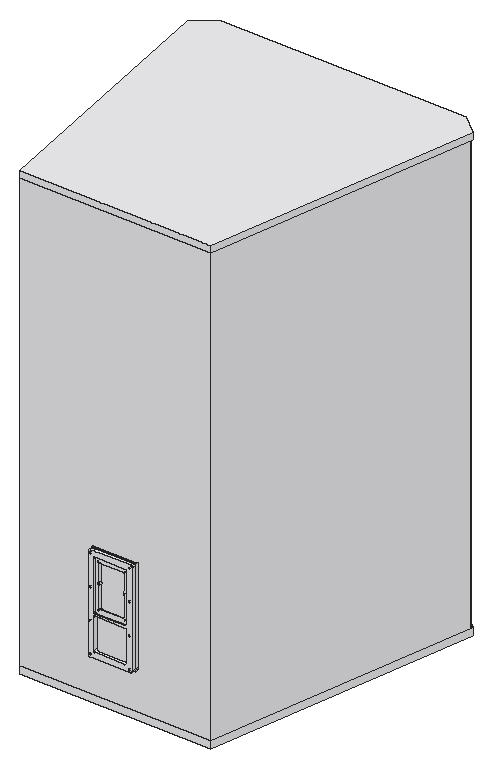
Revit family "EVC-1152-64", category Communication Devices, Revit 2017 (continued)
Definition of nested family "InputPanel_small"
  Lines and regions (mm)
    model lines
      curve 1113: line (-27.412, -4.337, 28.798) -> (-27.982, -4.337, 28.799)
      curve 1114: line (-27.982, -4.337, 28.799) -> (-25.944, -4.337, 31.286)
      curve 1115: line (-22.849, -4.337, 23.874) -> (-22.85, -4.337, 20.831)
      curve 1116: line (-22.85, -4.337, 20.831) -> (-17.426, -4.337, 20.83)
      curve 1117: line (-17.426, -4.337, 20.83) -> (-17.423, -4.337, 46.056)
      curve 1118: line (-17.423, -4.337, 46.056) -> (-22.846, -4.337, 46.056)
      curve 1119: line (-22.846, -4.337, 46.056) -> (-24.27, -4.337, 46.056)
      curve 1120: line (-24.27, -4.337, 46.056) -> (-21.157, -4.337, 46.184)
      curve 1121: line (-21.157, -4.337, 46.184) -> (-21.035, -4.337, 46.361)
      curve 1122: line (-24.273, -4.337, 20.831) -> (-22.85, -4.337, 20.831)
      curve 1123: line (-16.642, -4.337, 39.451) -> (-16.643, -4.337, 33.939)
      curve 1124: line (-16.643, -4.337, 33.939) -> (-12.428, -4.337, 33.939)
      curve 1125: line (-12.428, -4.337, 33.939) -> (-12.427, -4.337, 39.451)
      curve 1126: line (-12.427, -4.337, 39.451) -> (-16.642, -4.337, 39.451)
      curve 1127: line (-12.427, -4.337, 40.047) -> (-12.426, -4.337, 45.558)
      curve 1128: line (-12.426, -4.337, 45.558) -> (-16.641, -4.337, 45.559)
      curve 1129: line (-16.641, -4.337, 45.559) -> (-16.642, -4.337, 40.047)
      curve 1130: line (-16.642, -4.337, 40.047) -> (-12.427, -4.337, 40.047)
      curve 1131: line (-17.1, -4.337, 20.83) -> (-17.097, -4.337, 46.055)
      curve 1132: line (-17.097, -4.337, 46.055) -> (-11.97, -4.337, 46.055)
      curve 1133: line (-11.97, -4.337, 46.055) -> (-11.974, -4.337, 20.83)
      curve 1134: line (-11.974, -4.337, 20.83) -> (-17.1, -4.337, 20.83)
      curve 1135: line (-17.1, -4.337, 20.83) -> (-17.426, -4.337, 20.83)
      curve 1136: line (-16.644, -4.337, 26.839) -> (-16.644, -4.337, 21.327)
      curve 1137: line (-16.644, -4.337, 21.327) -> (-12.429, -4.337, 21.326)
      curve 1138: line (-12.429, -4.337, 21.326) -> (-12.428, -4.337, 26.838)
      curve 1139: line (-12.428, -4.337, 26.838) -> (-16.644, -4.337, 26.839)
      curve 1140: line (-12.428, -4.337, 27.434) -> (-12.428, -4.337, 32.946)
      curve 1141: line (-12.428, -4.337, 32.946) -> (-16.643, -4.337, 32.946)
      curve 1142: line (-16.643, -4.337, 32.946) -> (-16.644, -4.337, 27.434)
      curve 1143: line (-16.644, -4.337, 27.434) -> (-12.428, -4.337, 27.434)
      curve 1144: line (-17.097, -4.337, 46.055) -> (-17.423, -4.337, 46.056)
      curve 1145: line (-17.423, -4.337, 46.056) -> (-14.161, -4.337, 46.183)
      curve 1146: line (-14.161, -4.337, 46.183) -> (-14.039, -4.337, 46.36)
      curve 1147: line (-14.039, -4.337, 46.36) -> (-17.172, -4.337, 46.36)
      curve 1148: line (-17.172, -4.337, 46.36) -> (-17.294, -4.337, 46.183)
      curve 1149: line (-16.642, -4.337, 38.284) -> (-15.234, -4.337, 38.284)
      curve 1150: line (-15.234, -4.337, 38.284) -> (-14.908, -4.337, 38.972)
      curve 1151: line (-14.908, -4.337, 38.972) -> (-14.523, -4.337, 39.451)
      curve 1152: line (-16.644, -4.337, 25.672) -> (-15.235, -4.337, 25.671)
      curve 1153: line (-15.235, -4.337, 25.671) -> (-14.91, -4.337, 26.36)
      curve 1154: line (-14.91, -4.337, 26.36) -> (-14.525, -4.337, 26.838)
      curve 1155: line (-16.644, -4.337, 28.601) -> (-15.235, -4.337, 28.601)
      curve 1156: line (-15.235, -4.337, 28.601) -> (-14.91, -4.337, 27.913)
      curve 1157: line (-14.91, -4.337, 27.913) -> (-14.525, -4.337, 27.434)
      curve 1158: line (-16.642, -4.337, 41.214) -> (-15.234, -4.337, 41.214)
      curve 1159: line (-15.234, -4.337, 41.214) -> (-14.908, -4.337, 40.526)
      curve 1160: line (-14.908, -4.337, 40.526) -> (-14.523, -4.337, 40.047)
      curve 1161: line (-16.643, -4.337, 31.978) -> (-15.235, -4.337, 31.978)
      curve 1162: line (-15.235, -4.337, 31.978) -> (-14.909, -4.337, 32.666)
      curve 1163: line (-14.909, -4.337, 32.666) -> (-14.684, -4.337, 32.946)
      curve 1164: line (-16.642, -4.337, 44.591) -> (-15.233, -4.337, 44.59)
      curve 1165: line (-15.233, -4.337, 44.59) -> (-14.908, -4.337, 45.278)
      curve 1166: line (-14.908, -4.337, 45.278) -> (-14.682, -4.337, 45.559)
      curve 1167: line (-16.643, -4.337, 34.908) -> (-15.234, -4.337, 34.907)
      curve 1168: line (-15.234, -4.337, 34.907) -> (-14.909, -4.337, 34.219)
      curve 1169: line (-14.684, -4.337, 33.939) -> (-14.909, -4.337, 34.219)
      curve 1170: line (-14.909, -4.337, 34.219) -> (-14.908, -4.337, 38.972)
      curve 1171: line (-16.644, -4.337, 22.295) -> (-15.236, -4.337, 22.295)
      curve 1172: line (-15.236, -4.337, 22.295) -> (-14.911, -4.337, 21.607)
      curve 1173: line (-14.911, -4.337, 21.607) -> (-14.91, -4.337, 26.36)
      curve 1174: line (-14.685, -4.337, 21.327) -> (-14.911, -4.337, 21.607)
      curve 1175: line (-15.235, -4.337, 28.601) -> (-15.235, -4.337, 31.978)
      curve 1176: line (-15.234, -4.337, 41.214) -> (-15.233, -4.337, 44.59)
      curve 1177: line (-15.235, -4.337, 25.671) -> (-15.236, -4.337, 22.295)
      curve 1178: line (-15.234, -4.337, 38.284) -> (-15.234, -4.337, 34.907)
      curve 1179: line (-17.172, -4.337, 46.36) -> (-17.172, -4.337, 46.622)
      curve 1180: line (-17.172, -4.337, 46.622) -> (-14.039, -4.337, 46.621)
      curve 1181: line (-14.039, -4.337, 46.621) -> (-14.039, -4.337, 46.36)
      curve 1182: line (-17.172, -4.337, 46.622) -> (-17.753, -4.337, 46.622)
      curve 1183: line (-17.753, -4.337, 46.622) -> (-17.753, -4.337, 46.36)
      curve 1184: line (-17.753, -4.337, 46.36) -> (-17.631, -4.337, 46.183)
      curve 1185: line (-13.525, -4.337, 40.047) -> (-13.524, -4.337, 45.558)
      curve 1186: line (-13.527, -4.337, 27.434) -> (-13.526, -4.337, 32.946)
      curve 1187: line (-13.527, -4.337, 21.326) -> (-13.527, -4.337, 26.838)
      curve 1188: line (-13.526, -4.337, 33.939) -> (-13.525, -4.337, 39.451)
      curve 1189: line (-14.91, -4.337, 27.913) -> (-14.909, -4.337, 32.666)
      curve 1190: line (-14.908, -4.337, 40.526) -> (-14.908, -4.337, 45.278)
      curve 1191: line (-24.168, -4.337, 46.361) -> (-24.29, -4.337, 46.184)
      curve 1192: line (-24.168, -4.337, 46.622) -> (-24.168, -4.337, 46.361)
      curve 1193: line (-24.168, -4.337, 46.361) -> (-21.035, -4.337, 46.361)
      curve 1194: line (-21.035, -4.337, 46.361) -> (-21.035, -4.337, 46.622)
      curve 1195: line (-21.035, -4.337, 46.622) -> (-24.168, -4.337, 46.622)
      curve 1196: line (-24.168, -4.337, 46.622) -> (-24.749, -4.337, 46.623)
      curve 1197: line (-24.749, -4.337, 46.623) -> (-24.749, -4.337, 46.361)
      curve 1198: line (-24.749, -4.337, 46.361) -> (-24.627, -4.337, 46.184)
      curve 1199: line (-50.251, -4.337, 21.031) -> (-50.248, -4.337, 45.862)
      curve 1200: line (-50.193, -4.337, 45.807) -> (-50.196, -4.337, 21.086)
      curve 1201: line (-49.239, -4.337, 46.871) -> (-11.796, -4.337, 46.867)
      curve 1202: line (-11.851, -4.337, 46.812) -> (-49.184, -4.337, 46.816)
      curve 1203: line (-10.787, -4.337, 45.858) -> (-10.79, -4.337, 21.027)
      curve 1204: line (-10.79, -4.337, 21.029) -> (-10.842, -4.337, 45.803)
      curve 1205: line (-11.799, -4.337, 20.018) -> (-49.243, -4.337, 20.022)
      curve 1206: line (-49.188, -4.337, 20.077) -> (-11.854, -4.337, 20.073)
      curve 1207: line (-32.649, -4.337, 30.292) -> (-31.03, -4.337, 30.291)
      curve 1208: line (-31.03, -4.337, 30.291) -> (-30.696, -4.337, 30.291)
      curve 1209: line (-32.65, -4.337, 23.985) -> (-31.031, -4.337, 23.985)
      curve 1210: line (-31.031, -4.337, 23.985) -> (-30.698, -4.337, 23.985)
      curve 1211: line (-32.649, -4.337, 36.598) -> (-31.029, -4.337, 36.598)
      curve 1212: line (-31.029, -4.337, 36.598) -> (-30.696, -4.337, 36.598)
      curve 1213: line (-32.648, -4.337, 42.904) -> (-31.028, -4.337, 42.904)
      curve 1214: line (-31.028, -4.337, 42.904) -> (-30.695, -4.337, 42.904)
      curve 1215: line (-28.39, -4.337, 36.597) -> (-30.009, -4.337, 36.598)
      curve 1216: line (-30.009, -4.337, 36.598) -> (-30.343, -4.337, 36.598)
      curve 1217: line (-28.389, -4.337, 42.904) -> (-30.008, -4.337, 42.904)
      curve 1218: line (-30.008, -4.337, 42.904) -> (-30.341, -4.337, 42.904)
      curve 1219: line (-28.39, -4.337, 30.291) -> (-30.01, -4.337, 30.291)
      curve 1220: line (-30.01, -4.337, 30.291) -> (-30.343, -4.337, 30.291)
      curve 1221: line (-28.391, -4.337, 23.985) -> (-30.011, -4.337, 23.985)
      curve 1222: line (-30.011, -4.337, 23.985) -> (-30.344, -4.337, 23.985)
Definition of nested family "L-EV"
  Parameters (values of type "L-EV")
    Material = ""
    Default Elevation = 1219.20 mm
  Reference planes
    plane 1 "Center (Front/Back)": y = 0
    plane 2: z = 0
    plane 3 "Center (Left/Right)": x = 0
  Forms (mm)
    Extrusion 1, solid, not visible
      sketch origin (18.736, -0.5, -73.012) x (1, 0, 0) y (0, 0, 1)
        loop
          arc (-38.866, 94.012) -> (-39.481, 93.758) -> (-39.736, 93.143) r 0.869
          line (-39.736, 93.143) -> (-39.736, 52.882)
          arc (-39.736, 52.882) -> (-39.481, 52.267) -> (-38.866, 52.012) r 0.869
          line (-38.866, 52.012) -> (1.395, 52.012)
          arc (1.395, 52.012) -> (2.01, 52.267) -> (2.264, 52.882) r 0.869
          line (2.264, 52.882) -> (2.264, 93.143)
          arc (2.264, 93.143) -> (2.01, 93.758) -> (1.395, 94.012) r 0.869
          line (1.395, 94.012) -> (-38.866, 94.012)
      from 0 to -0.5
    Extrusion 2, solid, detail levels fine
      sketch origin (18.736, 4, -73.24) x (1, 0, 0) y (0, 0, 1)
        loop
          line (-37.736, 92.24) -> (-37.736, 54.24) -> (0.264, 54.24) -> (0.264, 92.24) -> (-37.736, 92.24)
        loop
          line (-33.659, 85.319) -> (-33.659, 66.596) -> (-21.783, 66.596) -> (-21.783, 70.665) -> (-29.2, 70.665) -> (-29.2, 73.924) -> (-21.783, 73.924) -> (-21.783, 77.992) -> (-29.2, 77.992) -> (-29.2, 81.251) -> (-21.783, 81.251) -> (-21.783, 85.319) -> (-33.659, 85.319)
        loop
          line (-20.026, 77.992) -> (-20.026, 73.924) -> (-17.153, 73.924) -> (-17.153, 59.688) -> (-12.74, 59.688) -> (-2.619, 82.277) -> (-7.421, 82.277) -> (-12.694, 70.408) -> (-12.694, 77.992) -> (-20.026, 77.992)
      from 4.5 to 5
    Extrusion 3, solid, detail levels medium+fine
      sketch origin (0, 0, 0) x (1, 0, 0) y (0, 0, 1)
        loop
          line (19.816, 21) -> (-19.816, 21)
          arc (-19.816, 21) -> (-20.653, 20.653) -> (-21, 19.816) r 1.184
          line (-21, 19.816) -> (-21, -19.816)
          arc (-21, -19.816) -> (-20.653, -20.653) -> (-19.816, -21) r 1.184
          line (-19.816, -21) -> (19.816, -21)
          arc (19.816, -21) -> (20.653, -20.653) -> (21, -19.816) r 1.184
          line (21, -19.816) -> (21, 19.816)
          arc (21, 19.816) -> (20.653, 20.653) -> (19.816, 21) r 1.184
      from -1 to 0.5
Definition of nested family "2D_CabinetLoudspeaker"
  Parameters (values of type "LoudSpeaker")
    Pan2D [instance] = 0.00°
  Reference planes
    plane 1: y = 0
    plane 2: x = 0
  Lines and regions (mm)
    Masking region 1
      outline origin (0, 0, 0) x (0, -1, 0) y (1, 0, 0)
        loop
          circle (0, 0) r 4.2
    detail lines
      curve 1: line (1.484, 2.897, 0) -> (1.484, 1.008, 0)
      curve 2: line (-1.484, 2.897, 0) -> (1.484, 2.897, 0)
      curve 3: line (-1.484, 1.008, 0) -> (-1.484, 2.897, 0)
      curve 4: line (1.484, 1.008, 0) -> (3.102, -1.911, 0)
      curve 5: line (3.102, -1.911, 0) -> (-3.102, -1.911, 0)
      curve 6: line (-3.102, -1.911, 0) -> (-1.484, 1.008, 0)
      curve 8: line (-1.484, 1.008, 0) -> (1.484, 1.008, 0)
    reference lines
      curve 7: line (0, 0, 0) -> (0, -10.967, 0)
  Dimensions and locks
    "Pan2D": angle curve 7 to plane 2
    aligned and locked: curve 8 to curve 4
    aligned and locked: curve 8 to curve 3
    aligned and locked: curve 1 to curve 8
    aligned and locked: curve 6 to curve 8
    aligned and locked: plane 2 to curve 7
    aligned and locked: plane 1 to curve 7
  Automatic sketch dimensions
    Masking region 1 sketch curve to curve 7 = 0.00 mm  (x2)
    curve 3 to curve 7 = 2.897 mm
    curve 3 to curve 7 = 1.008 mm
    curve 4 to curve 7 = 1.008 mm
    curve 7 to curve 5 = 1.911 mm
    curve 6 to curve 7 = 3.102 mm
    curve 7 to curve 2 = 1.484 mm
    curve 7 to curve 1 = 1.484 mm
    curve 7 to curve 4 = 3.102 mm
    radius of Masking region 1 sketch curve = 4.20 mm
Types (5, lengths in mm): name | ModelNumber | MaterialRALColour | LoudspeakerMaterial | GrillMaterial | CTN
  (no name) | "F.01U.329.294" | "RAL9010" | 13-plyWeather-resistantBirchEVCoat -RAL9010 | 16GA Powder-coatedGalvanneal - W | "EVC115264PIW"
  EVC115264B_15"_Speaker_60x45_Black | "F.01U.329.291" | "RAL9004" | 13-plyWeather-resistantBirchEVCoat -RAL9004 | 16GA Powder-coatedGalvanneal - B | "EVC115264B"
  EVC115264PIB_15"_Speaker_60x45_Black | "F.01U.329.293" | "RAL9004" | 13-plyWeather-resistantBirchEVCoat -RAL9004 | 16GA Powder-coatedGalvanneal - B | "EVC115264PIB"
  EVC115264BW_15"_Speaker_60x45_White | "F.01U.329.292" | "RAL9010" | 13-plyWeather-resistantBirchEVCoat -RAL9010 | 16GA Powder-coatedGalvanneal - W | "EVC115264W"
  EVC115264PIW_15"_Speaker_60x45_White | "F.01U.329.294" | "RAL9010" | 13-plyWeather-resistantBirchEVCoat -RAL9010 | 16GA Powder-coatedGalvanneal - W | "EVC115264PIW"
